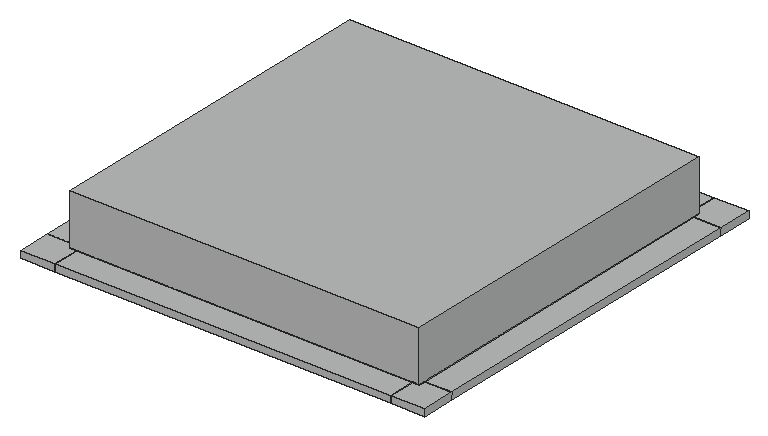
Revit family "ALUMOGIPS", category Осветительные приборы, Revit 2019 (continued)
Types (72, lengths in mm): name | Файл фотометрической сетки | built-in parameter 1150105 | Lumens | built-in parameter 1150106 | built-in parameter 1150142 | Wattage | Emit from Rectangle Width | Emit from Rectangle Length | Длина | Материал светильника | Ширина | ADSK_Ток | ADSK_Полная мощность | ADSK_Обозначение | ADSK_Номинальная мощность | ADSK_Наименование | ADSK_Масса | ADSK_Код изделия
  Alumogips-38/opal-sand 595х595 (IP54, 4000К, белый) c БАП на 3 часа | "Светильник ALUMOGIPS-38 OPAL-SAND-(595x595).IES" | 302.39 (stored number, unit not read) | 3800 lm | 3.0239 (stored number, unit not read) | "IESNA:LM-63-95\r\n[TEST] Протокол № 50-12 \r\n[DATA] 20.06.2016\r\n[MORE] \r\n[MANUFAC] ЗАО \"Центрстройсвет\"\r\n[LUMCAT]  Светильник ALUMOGIPS-38/OPAL-SAND-(595x595)\r\n[LUMINAIRE]\r\n[LAMPCAT] Светодиоды\r\n[LAMP] Поток источника света (светодиодов) не известен\r\n[MORE] КСС приведена в абсолютных величинах кд\r\n[MORE] Вместо потока лампы, указан поток светильника.\r\nTILT=NONE\r\n1    3750 1.0 37 73 1 2 0.595 0.595 0.04\r\n1.0 1.0 38.7\r\n0.0 5.0 10.0 15.0 20.0 25.0 30.0 35.0 40.0 45.0 50.0 55.0 60.0 65.0 70.0 75.0 80.0 85.0 90.0 95.0 100.0 105.0 110.0 115.0 120.0 125.0 130.0 135.0 140.0 145.0 150.0 155.0 160.0 165.0 170.0 175.0 180.0\r\n0.0 5.0 10.0 15.0 20.0 25.0 30.0 35.0 40.0 45.0 50.0 55.0 60.0 65.0 70.0 75.0 80.0 85.0 90.0 95.0 100.0 105.0 110.0 115.0 120.0 125.0 130.0 135.0 140.0 145.0 150.0 155.0 160.0 165.0 170.0 175.0 180.0 185.0 190.0 195.0 200.0 205.0 210.0 215.0 220.0 225.0 230.0 235.0 240.0 245.0 250.0 255.0 260.0 265.0 270.0 275.0 280.0 285.0 290.0 295.0 300.0 305.0 310.0 315.0 320.0 325.0 330.0 335.0 340.0 345.0 350.0 355.0 360.0\r\n1391.4 1390.6 1365.7 1330.6 1277.5 1214.9 1147.5 1059.6 967.6 873.2 772.4 664.9 556.3 449.1 342.7 240.6 147.1 64.2 4.7 0.0 0.0 0.0 0.0 0.0 0.0 0.0 0.0 0.0 0.0 0.0 0.0 0.0 0.0 0.0 0.0 0.0 0.0\r\n1391.4 1390.5 1367.8 1332.7 1284.3 1221.3 1147.0 1062.1 969.2 872.4 773.2 666.3 557.1 450.1 343.8 241.9 146.9 64.7 5.2 0.0 0.0 0.0 0.0 0.0 0.0 0.0 0.0 0.0 0.0 0.0 0.0 0.0 0.0 0.0 0.0 0.0 0.0\r\n1391.4 1390.2 1372.0 1333.3 1277.3 1216.8 1144.5 1057.4 969.6 875.1 773.8 669.5 560.0 454.6 345.8 242.4 148.5 65.8 5.4 0.0 0.0 0.0 0.0 0.0 0.0 0.0 0.0 0.0 0.0 0.0 0.0 0.0 0.0 0.0 0.0 0.0 0.0\r\n1391.4 1389.8 1371.2 1330.7 1279.5 1220.5 1148.3 1059.9 967.7 873.2 767.5 666.8 561.4 453.0 347.1 243.7 149.9 65.6 5.8 0.0 0.0 0.0 0.0 0.0 0.0 0.0 0.0 0.0 0.0 0.0 0.0 0.0 0.0 0.0 0.0 0.0 0.0\r\n1391.4 1389.8 1368.3 1329.3 1285.0 1214.6 1141.1 1058.7 971.8 871.3 775.2 666.9 559.4 452.6 345.8 242.5 150.0 65.8 6.1 0.0 0.0 0.0 0.0 0.0 0.0 0.0 0.0 0.0 0.0 0.0 0.0 0.0 0.0 0.0 0.0 0.0 0.0\r\n1391.4 1390.5 1367.3 1332.3 1281.7 1219.0 1142.8 1064.6 970.5 874.4 772.1 667.5 560.2 453.0 346.2 241.8 149.4 65.7 5.6 0.0 0.0 0.0 0.0 0.0 0.0 0.0 0.0 0.0 0.0 0.0 0.0 0.0 0.0 0.0 0.0 0.0 0.0\r\n1391.4 1391.4 1368.1 1333.5 1277.3 1215.7 1139.0 1059.6 968.1 872.4 771.6 667.4 558.8 453.3 344.3 243.9 148.4 65.7 5.4 0.0 0.0 0.0 0.0 0.0 0.0 0.0 0.0 0.0 0.0 0.0 0.0 0.0 0.0 0.0 0.0 0.0 0.0\r\n1391.4 1391.7 1368.1 1330.4 1278.2 1213.9 1142.4 1061.6 967.4 875.1 772.0 669.3 561.1 452.5 345.2 242.1 148.3 65.4 5.5 0.0 0.0 0.0 0.0 0.0 0.0 0.0 0.0 0.0 0.0 0.0 0.0 0.0 0.0 0.0 0.0 0.0 0.0\r\n1391.4 1391.5 1371.0 1328.4 1278.5 1216.7 1142.1 1061.2 971.8 874.7 772.1 668.9 560.8 452.9 345.4 243.3 147.7 66.0 5.4 0.0 0.0 0.0 0.0 0.0 0.0 0.0 0.0 0.0 0.0 0.0 0.0 0.0 0.0 0.0 0.0 0.0 0.0\r\n1391.4 1391.5 1373.2 1330.5 1277.3 1215.5 1143.2 1063.6 967.0 872.7 772.2 669.4 558.9 453.2 346.6 241.9 148.1 65.2 5.5 0.0 0.0 0.0 0.0 0.0 0.0 0.0 0.0 0.0 0.0 0.0 0.0 0.0 0.0 0.0 0.0 0.0 0.0\r\n1391.4 1391.4 1369.7 1328.3 1281.3 1216.0 1139.8 1057.9 968.7 875.3 773.9 667.6 561.8 454.0 344.0 243.1 147.2 65.6 5.5 0.0 0.0 0.0 0.0 0.0 0.0 0.0 0.0 0.0 0.0 0.0 0.0 0.0 0.0 0.0 0.0 0.0 0.0\r\n1391.4 1390.5 1367.9 1330.1 1278.1 1218.1 1138.9 1061.0 970.0 871.8 770.4 669.3 560.2 453.4 346.9 242.1 148.3 65.2 5.2 0.0 0.0 0.0 0.0 0.0 0.0 0.0 0.0 0.0 0.0 0.0 0.0 0.0 0.0 0.0 0.0 0.0 0.0\r\n1391.4 1389.3 1368.2 1329.1 1280.8 1214.4 1142.5 1059.2 967.2 874.3 772.4 668.0 563.1 452.3 345.7 242.8 146.8 64.9 5.1 0.0 0.0 0.0 0.0 0.0 0.0 0.0 0.0 0.0 0.0 0.0 0.0 0.0 0.0 0.0 0.0 0.0 0.0\r\n1391.4 1388.6 1367.4 1327.8 1278.0 1215.7 1141.0 1061.0 971.5 877.3 771.2 667.3 561.5 453.0 346.4 242.4 146.3 64.8 5.2 0.0 0.0 0.0 0.0 0.0 0.0 0.0 0.0 0.0 0.0 0.0 0.0 0.0 0.0 0.0 0.0 0.0 0.0\r\n1391.4 1388.0 1367.6 1326.7 1278.3 1218.0 1140.9 1061.5 968.4 873.4 770.1 666.6 562.1 454.6 344.8 241.8 146.4 64.0 5.5 0.0 0.0 0.0 0.0 0.0 0.0 0.0 0.0 0.0 0.0 0.0 0.0 0.0 0.0 0.0 0.0 0.0 0.0\r\n1391.4 1387.2 1366.1 1331.0 1281.4 1216.3 1142.7 1059.1 969.4 871.5 772.2 667.3 560.5 453.0 344.4 242.2 146.4 63.8 5.6 0.0 0.0 0.0 0.0 0.0 0.0 0.0 0.0 0.0 0.0 0.0 0.0 0.0 0.0 0.0 0.0 0.0 0.0\r\n1391.4 1387.1 1366.3 1328.7 1276.9 1214.5 1141.2 1059.3 968.4 874.3 775.5 668.3 562.5 454.9 346.4 241.3 146.2 63.5 5.7 0.0 0.0 0.0 0.0 0.0 0.0 0.0 0.0 0.0 0.0 0.0 0.0 0.0 0.0 0.0 0.0 0.0 0.0\r\n1391.4 1388.4 1366.0 1329.7 1279.2 1217.9 1140.0 1060.5 969.0 873.9 772.0 671.3 560.4 453.2 343.7 241.7 145.8 63.7 5.4 0.0 0.0 0.0 0.0 0.0 0.0 0.0 0.0 0.0 0.0 0.0 0.0 0.0 0.0 0.0 0.0 0.0 0.0\r\n1391.4 1389.6 1367.7 1329.3 1277.2 1211.1 1140.1 1061.0 971.0 871.2 769.2 669.1 561.5 453.1 343.3 241.9 145.8 63.4 5.2 0.0 0.0 0.0 0.0 0.0 0.0 0.0 0.0 0.0 0.0 0.0 0.0 0.0 0.0 0.0 0.0 0.0 0.0\r\n1391.4 1388.8 1366.9 1327.1 1279.4 1214.2 1142.5 1056.4 970.7 870.3 771.0 665.1 560.4 453.3 343.8 241.1 145.7 63.4 5.2 0.0 0.0 0.0 0.0 0.0 0.0 0.0 0.0 0.0 0.0 0.0 0.0 0.0 0.0 0.0 0.0 0.0 0.0\r\n1391.4 1387.2 1365.8 1328.9 1276.6 1210.2 1141.4 1059.3 966.6 871.4 770.5 667.4 559.2 451.4 344.2 241.0 145.6 63.2 5.1 0.0 0.0 0.0 0.0 0.0 0.0 0.0 0.0 0.0 0.0 0.0 0.0 0.0 0.0 0.0 0.0 0.0 0.0\r\n1391.4 1386.8 1364.4 1329.8 1279.4 1213.7 1144.0 1059.0 965.3 873.7 768.8 668.9 559.4 449.5 342.6 241.5 144.6 63.4 5.0 0.0 0.0 0.0 0.0 0.0 0.0 0.0 0.0 0.0 0.0 0.0 0.0 0.0 0.0 0.0 0.0 0.0 0.0\r\n1391.4 1388.1 1365.8 1328.1 1273.8 1213.4 1137.9 1059.2 967.3 869.2 769.3 667.7 558.4 451.4 344.0 240.6 145.7 63.4 4.9 0.0 0.0 0.0 0.0 0.0 0.0 0.0 0.0 0.0 0.0 0.0 0.0 0.0 0.0 0.0 0.0 0.0 0.0\r\n1391.4 1389.2 1364.4 1323.2 1276.3 1213.8 1137.6 1055.3 963.1 871.0 767.7 664.1 559.7 447.1 342.4 240.1 145.2 63.9 5.1 0.0 0.0 0.0 0.0 0.0 0.0 0.0 0.0 0.0 0.0 0.0 0.0 0.0 0.0 0.0 0.0 0.0 0.0\r\n1391.4 1388.4 1362.3 1326.8 1274.4 1212.2 1137.9 1054.7 966.7 867.9 768.7 663.4 557.3 449.2 343.3 240.0 145.7 63.6 5.0 0.0 0.0 0.0 0.0 0.0 0.0 0.0 0.0 0.0 0.0 0.0 0.0 0.0 0.0 0.0 0.0 0.0 0.0\r\n1391.4 1386.2 1361.8 1326.5 1273.3 1211.2 1134.5 1048.6 964.3 866.3 767.8 662.9 556.7 449.5 341.9 239.8 145.7 63.7 5.0 0.0 0.0 0.0 0.0 0.0 0.0 0.0 0.0 0.0 0.0 0.0 0.0 0.0 0.0 0.0 0.0 0.0 0.0\r\n1391.4 1384.4 1363.5 1324.4 1272.0 1209.5 1137.2 1053.0 960.2 867.5 767.9 662.7 556.7 449.2 342.5 239.1 146.2 63.8 4.8 0.0 0.0 0.0 0.0 0.0 0.0 0.0 0.0 0.0 0.0 0.0 0.0 0.0 0.0 0.0 0.0 0.0 0.0\r\n1391.4 1383.7 1362.4 1324.4 1274.0 1209.5 1134.4 1050.1 965.4 864.9 764.6 662.3 556.6 447.9 340.5 240.3 145.5 64.6 4.6 0.0 0.0 0.0 0.0 0.0 0.0 0.0 0.0 0.0 0.0 0.0 0.0 0.0 0.0 0.0 0.0 0.0 0.0\r\n1391.4 1384.4 1361.9 1326.9 1270.2 1207.3 1132.7 1050.1 959.7 867.7 763.1 662.2 555.0 447.3 343.0 238.3 145.8 63.9 4.7 0.0 0.0 0.0 0.0 0.0 0.0 0.0 0.0 0.0 0.0 0.0 0.0 0.0 0.0 0.0 0.0 0.0 0.0\r\n1391.4 1385.1 1363.0 1320.0 1270.4 1207.9 1134.4 1055.0 963.5 867.3 766.7 660.7 555.9 450.1 342.6 240.2 145.9 64.3 4.9 0.0 0.0 0.0 0.0 0.0 0.0 0.0 0.0 0.0 0.0 0.0 0.0 0.0 0.0 0.0 0.0 0.0 0.0\r\n1391.4 1384.9 1362.3 1321.4 1273.1 1208.0 1135.4 1052.3 961.9 865.0 764.0 660.8 553.5 447.6 341.2 240.3 146.1 63.8 4.8 0.0 0.0 0.0 0.0 0.0 0.0 0.0 0.0 0.0 0.0 0.0 0.0 0.0 0.0 0.0 0.0 0.0 0.0\r\n1391.4 1383.8 1361.2 1322.1 1265.1 1211.5 1132.8 1049.3 961.3 863.4 764.0 661.0 550.7 447.9 341.0 240.1 146.2 63.8 4.6 0.0 0.0 0.0 0.0 0.0 0.0 0.0 0.0 0.0 0.0 0.0 0.0 0.0 0.0 0.0 0.0 0.0 0.0\r\n1391.4 1382.8 1359.3 1321.5 1269.3 1206.8 1132.8 1051.1 958.3 863.2 763.1 662.7 553.4 448.0 340.4 240.0 145.8 63.8 4.0 0.0 0.0 0.0 0.0 0.0 0.0 0.0 0.0 0.0 0.0 0.0 0.0 0.0 0.0 0.0 0.0 0.0 0.0\r\n1391.4 1382.6 1359.0 1319.6 1268.1 1204.3 1129.8 1049.0 957.7 861.8 761.7 658.4 554.2 446.1 340.4 239.0 145.6 63.8 3.8 0.0 0.0 0.0 0.0 0.0 0.0 0.0 0.0 0.0 0.0 0.0 0.0 0.0 0.0 0.0 0.0 0.0 0.0\r\n1391.4 1382.8 1358.5 1315.8 1266.5 1202.1 1128.5 1049.2 957.6 860.0 762.1 658.2 549.9 443.8 339.6 238.4 145.7 63.6 3.7 0.0 0.0 0.0 0.0 0.0 0.0 0.0 0.0 0.0 0.0 0.0 0.0 0.0 0.0 0.0 0.0 0.0 0.0\r\n1391.4 1382.2 1360.5 1319.2 1265.9 1204.5 1129.9 1046.9 955.0 862.9 758.9 657.9 552.5 444.9 338.9 238.8 145.3 63.6 3.3 0.0 0.0 0.0 0.0 0.0 0.0 0.0 0.0 0.0 0.0 0.0 0.0 0.0 0.0 0.0 0.0 0.0 0.0\r\n1391.4 1381.1 1361.2 1321.0 1268.1 1203.8 1128.8 1047.4 955.6 863.7 761.1 656.4 551.5 445.2 339.2 238.5 144.7 62.5 3.5 0.0 0.0 0.0 0.0 0.0 0.0 0.0 0.0 0.0 0.0 0.0 0.0 0.0 0.0 0.0 0.0 0.0 0.0\r\n1391.4 1380.6 1359.0 1316.4 1268.5 1204.0 1126.1 1049.5 956.2 859.6 759.7 656.5 549.2 444.3 338.4 236.1 143.8 61.6 3.2 0.0 0.0 0.0 0.0 0.0 0.0 0.0 0.0 0.0 0.0 0.0 0.0 0.0 0.0 0.0 0.0 0.0 0.0\r\n1391.4 1380.7 1356.6 1316.0 1267.0 1205.6 1130.3 1044.8 956.9 856.7 759.3 653.5 548.1 441.9 335.3 235.4 141.4 60.3 2.9 0.0 0.0 0.0 0.0 0.0 0.0 0.0 0.0 0.0 0.0 0.0 0.0 0.0 0.0 0.0 0.0 0.0 0.0\r\n1391.4 1380.4 1354.4 1317.9 1268.8 1199.0 1129.0 1044.0 956.9 860.6 758.3 656.9 549.1 442.0 334.4 236.1 141.7 60.5 2.6 0.0 0.0 0.0 0.0 0.0 0.0 0.0 0.0 0.0 0.0 0.0 0.0 0.0 0.0 0.0 0.0 0.0 0.0\r\n1391.4 1380.1 1356.7 1322.1 1264.6 1201.7 1129.9 1047.4 957.2 859.7 758.2 656.1 549.4 442.8 335.3 235.8 141.3 60.6 2.3 0.0 0.0 0.0 0.0 0.0 0.0 0.0 0.0 0.0 0.0 0.0 0.0 0.0 0.0 0.0 0.0 0.0 0.0\r\n1391.4 1379.9 1357.3 1317.5 1265.9 1207.8 1129.2 1046.5 955.7 860.2 758.6 656.9 550.7 441.9 335.4 233.9 140.6 60.2 2.4 0.0 0.0 0.0 0.0 0.0 0.0 0.0 0.0 0.0 0.0 0.0 0.0 0.0 0.0 0.0 0.0 0.0 0.0\r\n1391.4 1379.2 1355.5 1314.6 1269.3 1203.7 1133.5 1044.8 957.2 857.9 762.0 656.6 548.7 440.4 335.9 234.5 140.4 59.8 2.8 0.0 0.0 0.0 0.0 0.0 0.0 0.0 0.0 0.0 0.0 0.0 0.0 0.0 0.0 0.0 0.0 0.0 0.0\r\n1391.4 1377.9 1357.1 1319.2 1271.9 1204.4 1128.6 1050.2 953.1 856.9 757.6 653.7 548.9 439.9 335.4 232.4 140.5 59.2 3.0 0.0 0.0 0.0 0.0 0.0 0.0 0.0 0.0 0.0 0.0 0.0 0.0 0.0 0.0 0.0 0.0 0.0 0.0\r\n1391.4 1377.2 1356.3 1322.9 1266.0 1204.8 1132.2 1049.0 958.1 859.3 759.0 654.6 547.0 441.6 334.9 232.1 139.3 58.8 2.9 0.0 0.0 0.0 0.0 0.0 0.0 0.0 0.0 0.0 0.0 0.0 0.0 0.0 0.0 0.0 0.0 0.0 0.0\r\n1391.4 1377.8 1353.8 1319.7 1269.6 1207.9 1135.8 1049.5 955.8 858.0 762.4 655.9 548.2 441.6 335.6 231.7 139.4 58.8 2.8 0.0 0.0 0.0 0.0 0.0 0.0 0.0 0.0 0.0 0.0 0.0 0.0 0.0 0.0 0.0 0.0 0.0 0.0\r\n1391.4 1378.5 1355.2 1319.8 1267.3 1206.5 1131.2 1046.1 954.6 861.2 756.6 653.8 548.1 440.3 335.0 232.6 138.6 59.0 2.9 0.0 0.0 0.0 0.0 0.0 0.0 0.0 0.0 0.0 0.0 0.0 0.0 0.0 0.0 0.0 0.0 0.0 0.0\r\n1391.4 1378.6 1355.1 1318.3 1269.7 1200.8 1133.1 1049.0 957.6 862.5 762.4 656.9 549.3 443.5 334.7 231.2 138.8 58.1 3.0 0.0 0.0 0.0 0.0 0.0 0.0 0.0 0.0 0.0 0.0 0.0 0.0 0.0 0.0 0.0 0.0 0.0 0.0\r\n1391.4 1378.8 1355.8 1321.7 1268.8 1210.0 1129.0 1048.5 958.8 862.4 762.2 656.4 549.0 441.1 335.4 231.5 138.5 58.1 3.0 0.0 0.0 0.0 0.0 0.0 0.0 0.0 0.0 0.0 0.0 0.0 0.0 0.0 0.0 0.0 0.0 0.0 0.0\r\n1391.4 1379.6 1357.6 1321.7 1269.0 1207.1 1133.9 1047.0 964.1 863.3 761.9 656.4 551.5 440.7 334.9 232.2 137.6 58.1 2.8 0.0 0.0 0.0 0.0 0.0 0.0 0.0 0.0 0.0 0.0 0.0 0.0 0.0 0.0 0.0 0.0 0.0 0.0\r\n1391.4 1380.6 1357.7 1319.2 1272.0 1207.5 1131.3 1054.6 959.0 863.3 764.8 655.9 549.1 443.0 335.1 231.3 138.0 58.1 2.7 0.0 0.0 0.0 0.0 0.0 0.0 0.0 0.0 0.0 0.0 0.0 0.0 0.0 0.0 0.0 0.0 0.0 0.0\r\n1391.4 1381.5 1358.5 1321.9 1271.0 1204.1 1135.9 1055.8 962.5 865.5 761.1 656.9 550.6 442.0 335.3 231.9 137.4 57.9 2.6 0.0 0.0 0.0 0.0 0.0 0.0 0.0 0.0 0.0 0.0 0.0 0.0 0.0 0.0 0.0 0.0 0.0 0.0\r\n1391.4 1381.3 1358.5 1322.3 1270.8 1207.2 1133.7 1051.9 958.0 867.3 767.5 657.0 552.1 442.3 333.6 231.2 137.9 57.8 2.6 0.0 0.0 0.0 0.0 0.0 0.0 0.0 0.0 0.0 0.0 0.0 0.0 0.0 0.0 0.0 0.0 0.0 0.0\r\n1391.4 1380.6 1359.4 1319.7 1270.6 1209.0 1133.0 1052.1 963.9 867.5 764.1 660.0 554.0 443.3 334.8 231.7 137.6 57.8 2.7 0.0 0.0 0.0 0.0 0.0 0.0 0.0 0.0 0.0 0.0 0.0 0.0 0.0 0.0 0.0 0.0 0.0 0.0\r\n1391.4 1381.3 1359.9 1321.3 1270.6 1204.8 1135.0 1051.3 962.1 865.5 761.7 660.3 553.1 443.5 334.1 231.9 137.9 57.8 2.8 0.0 0.0 0.0 0.0 0.0 0.0 0.0 0.0 0.0 0.0 0.0 0.0 0.0 0.0 0.0 0.0 0.0 0.0\r\n1391.4 1383.1 1362.1 1324.8 1273.8 1208.7 1134.8 1055.9 961.8 866.4 762.3 659.7 552.4 443.7 334.4 232.8 138.0 58.0 2.8 0.0 0.0 0.0 0.0 0.0 0.0 0.0 0.0 0.0 0.0 0.0 0.0 0.0 0.0 0.0 0.0 0.0 0.0\r\n1391.4 1384.6 1360.4 1321.7 1272.0 1210.6 1130.9 1052.5 963.1 866.7 767.4 659.3 553.7 444.6 335.4 233.1 138.3 58.0 2.8 0.0 0.0 0.0 0.0 0.0 0.0 0.0 0.0 0.0 0.0 0.0 0.0 0.0 0.0 0.0 0.0 0.0 0.0\r\n1391.4 1385.6 1357.5 1324.7 1273.9 1211.6 1134.3 1052.7 963.6 865.4 763.1 658.7 552.2 444.9 336.9 232.8 138.8 58.6 2.9 0.0 0.0 0.0 0.0 0.0 0.0 0.0 0.0 0.0 0.0 0.0 0.0 0.0 0.0 0.0 0.0 0.0 0.0\r\n1391.4 1386.4 1357.8 1323.4 1273.2 1212.2 1136.3 1054.7 967.5 867.5 764.0 659.4 553.3 443.7 336.8 233.2 138.9 58.5 3.1 0.0 0.0 0.0 0.0 0.0 0.0 0.0 0.0 0.0 0.0 0.0 0.0 0.0 0.0 0.0 0.0 0.0 0.0\r\n1391.4 1386.6 1362.0 1324.9 1273.2 1211.3 1139.0 1049.9 960.3 866.4 768.0 661.3 552.2 443.4 336.3 233.4 139.8 58.9 3.1 0.0 0.0 0.0 0.0 0.0 0.0 0.0 0.0 0.0 0.0 0.0 0.0 0.0 0.0 0.0 0.0 0.0 0.0\r\n1391.4 1386.0 1360.5 1326.0 1271.8 1212.0 1137.2 1059.3 963.5 867.6 766.9 661.2 552.3 445.8 337.8 233.6 141.0 59.2 3.3 0.0 0.0 0.0 0.0 0.0 0.0 0.0 0.0 0.0 0.0 0.0 0.0 0.0 0.0 0.0 0.0 0.0 0.0\r\n1391.4 1385.0 1362.3 1325.1 1272.0 1207.1 1138.5 1053.6 964.5 865.8 766.5 661.6 554.3 445.9 337.0 234.5 140.4 60.2 3.5 0.0 0.0 0.0 0.0 0.0 0.0 0.0 0.0 0.0 0.0 0.0 0.0 0.0 0.0 0.0 0.0 0.0 0.0\r\n1391.4 1384.4 1361.8 1323.6 1274.0 1214.8 1138.9 1053.9 968.0 867.9 769.0 663.8 555.6 446.7 339.6 235.0 141.3 60.4 3.4 0.0 0.0 0.0 0.0 0.0 0.0 0.0 0.0 0.0 0.0 0.0 0.0 0.0 0.0 0.0 0.0 0.0 0.0\r\n1391.4 1385.0 1360.9 1322.2 1272.4 1209.8 1137.2 1055.7 962.7 869.7 769.6 658.2 556.6 447.4 338.5 236.2 142.5 60.7 3.4 0.0 0.0 0.0 0.0 0.0 0.0 0.0 0.0 0.0 0.0 0.0 0.0 0.0 0.0 0.0 0.0 0.0 0.0\r\n1391.4 1386.6 1363.1 1323.6 1272.5 1211.5 1139.2 1058.4 969.9 868.0 768.8 664.6 556.3 445.8 342.1 236.1 142.3 61.2 3.5 0.0 0.0 0.0 0.0 0.0 0.0 0.0 0.0 0.0 0.0 0.0 0.0 0.0 0.0 0.0 0.0 0.0 0.0\r\n1391.4 1388.6 1360.9 1330.2 1273.7 1213.2 1138.7 1058.3 966.2 867.0 766.8 663.4 553.3 447.1 339.2 238.7 143.0 61.4 3.8 0.0 0.0 0.0 0.0 0.0 0.0 0.0 0.0 0.0 0.0 0.0 0.0 0.0 0.0 0.0 0.0 0.0 0.0\r\n1391.4 1389.8 1360.8 1328.4 1276.8 1216.0 1140.1 1055.8 963.1 870.3 768.4 663.1 554.0 449.1 340.1 237.3 144.8 61.7 3.8 0.0 0.0 0.0 0.0 0.0 0.0 0.0 0.0 0.0 0.0 0.0 0.0 0.0 0.0 0.0 0.0 0.0 0.0\r\n1391.4 1389.3 1362.5 1325.9 1278.0 1210.4 1138.2 1054.7 967.8 872.7 770.2 661.9 556.5 446.9 341.3 237.7 144.4 62.5 3.9 0.0 0.0 0.0 0.0 0.0 0.0 0.0 0.0 0.0 0.0 0.0 0.0 0.0 0.0 0.0 0.0 0.0 0.0\r\n1391.4 1387.8 1365.8 1326.6 1274.3 1213.2 1141.4 1053.1 966.2 871.2 768.4 663.7 555.0 447.1 341.3 238.2 144.3 62.7 4.1 0.0 0.0 0.0 0.0 0.0 0.0 0.0 0.0 0.0 0.0 0.0 0.0 0.0 0.0 0.0 0.0 0.0 0.0\r\n1391.4 1387.2 1364.2 1328.3 1274.8 1209.4 1145.0 1060.0 963.9 867.5 766.5 663.4 556.7 448.2 340.9 240.3 144.7 63.3 4.0 0.0 0.0 0.0 0.0 0.0 0.0 0.0 0.0 0.0 0.0 0.0 0.0 0.0 0.0 0.0 0.0 0.0 0.0\r\n1391.4 1388.4 1364.9 1332.6 1279.0 1215.6 1140.9 1056.3 969.3 867.1 770.0 663.8 559.0 449.0 342.4 240.3 145.7 63.3 4.7 0.0 0.0 0.0 0.0 0.0 0.0 0.0 0.0 0.0 0.0 0.0 0.0 0.0 0.0 0.0 0.0 0.0 0.0\r\n1391.4 1390.0 1364.5 1329.3 1281.4 1217.7 1141.3 1063.3 970.3 871.1 768.8 663.5 555.2 449.3 342.4 239.8 146.6 63.3 4.9 0.0 0.0 0.0 0.0 0.0 0.0 0.0 0.0 0.0 0.0 0.0 0.0 0.0 0.0 0.0 0.0 0.0 0.0\r\n1391.4 1390.6 1365.7 1330.6 1277.5 1214.9 1147.5 1059.6 967.6 873.2 772.4 664.9 556.3 449.1 342.7 240.6 147.1 64.2 4.7 0.0 0.0 0.0 0.0 0.0 0.0 0.0 0.0 0.0 0.0 0.0 0.0 0.0 0.0 0.0 0.0 0.0 0.0\r\n" | 25.582 W | 575 | 575 | 595 | RAL 9001 | 595 | 0.179584 A | 41.3043 VA | "Alumogips-38/opal-sand 595х595 (IP54, 4000К, белый)" | 38 W | "Встраиваемый светодиодный светильник Alumogips-38/opal-sand 595х595 (IP54, 4000К, белый) c БАП на 3 час" | 2.4 | "ЦБ000
    008031"
